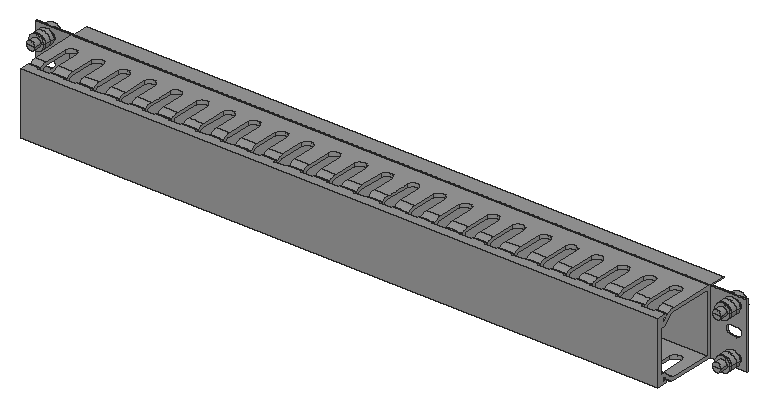
Revit family "ITK by ZPAS__Органайзер кабельный металлический с крышкой 19", category Обобщенные модели, Revit 2019
Family settings
  Может служить основой для арматурных стержней = Нет
  Размер круглого соединителя = Использовать диаметр
  Тип детали = Нормальный
  На основе рабочей плоскости = Нет
  Всегда вертикально = Да
  При загрузке вырезать с полостями = Нет
  Общий = Нет
  Точка расчета площади = Нет
Parameters (values of type "ZP-CO05-1U-24-M-C")
  Ширина = 482 mm
  Степень защиты = ""
  Материал = Окраска - RAL 9005
  Изготовитель = "ITK"  # constant formula
  Дата изменения = ""
  Глубина = 45 mm
  Высота = 44.5 mm
  Тип монтажа = ""
  URL = "https://www.iek.ru/"
  KSI_CPr_Строительные изделия = "61.1.04.08"  # constant formula
  KSI_CMa_Строительные материалы = "10.03.02.06"  # constant formula
  IEK_Цена за единицу = 754.02
  IEK_Поиск в таблице имен = ""
  IEK_Описание = "На тыльной стороне органайзера имеются отверстия для ввода кабелей.\r\nCъемная лицевая крышка.\r\nМонтажная высота 1U и 2U."
  IEK_URL = "https://www.itk-group.ru/produktsiya/catalog/oborudovanie_telekommunikatsionnoe/kompleksnye_resheniya_dlya_tsod/shkafy_i_aksessuary_dlya_tsod/komplektuyushchie_i_aksessuary_dlya_shkafov_itk_by_zpas/kabelnye_organizatory_itk_by_zpas/itk_by_zpas_organayzer_kabelnyy_metallicheskiy_s_kryshkoy_19_1u_24_slota_chernyy"
  ADSK_Примечание = ""
  ADSK_Позиция [instance] = ""
  ADSK_Наименование = "ITK by ZPAS Органайзер мет. с крышкой 19\" 1U 24 сл. черн."
  ADSK_Материал обозначение = ""
  ADSK_Материал наименование = "Листовая сталь"  # constant formula
  ADSK_Масса = 0.52
  ADSK_Марка = "by ZPAS"  # constant formula
  ADSK_Код изделия = "ZP-CO05-1U-24-M-C"
  ADSK_Завод-изготовитель = "IEK"  # constant formula
  ADSK_Единица измерения = "шт"  # constant formula
  ADSK_Группирование = "I. ЩИТЫ И ПУЛЬТЫ"  # constant formula
  ADSK_Версия семейства = "1.0"  # constant formula
  ADSK_Версия Revit = "2019"  # constant formula
  ADSK_URL страницы изделия = "https://www.itk-group.ru/produktsiya/catalog/oborudovanie_telekommunikatsionnoe/kompleksnye_resheniya_dlya_tsod/shkafy_i_aksessuary_dlya_tsod/komplektuyushchie_i_aksessuary_dlya_shkafov_itk_by_zpas/kabelnye_organizatory_itk_by_zpas/?pagec=50"
Reference planes
  plane 1 "По центру (Вперед/Назад)": y = 0
  plane 2: z = 0
  plane 3 "По центру (Влево/Вправо)": x = 0
  plane 4: x = -241
  plane 5: x = 241
  plane 6: y = -45
  plane 7: z = 44.5
Forms (mm)
  Extrusion 1, solid, material "Окраска - RAL 9005" <- "Материал", detail levels fine
    sketch origin (0, 0, 0.198) x (1, 0, 0) y (0, 1, 0)
      loop
        line (-241, 0) -> (-241, -1) -> (241, -1) -> (241, 0) -> (-241, 0)
    from 0 to 44
  Extrusion 2, void
    sketch origin (-2000, -1, 1200.198) x (-1, 0, 0) y (0, 0, -1)
      loop
        circle (-1766.475, 1161) r 2.967
      loop
        circle (-1766.475, 1195) r 2.967
      loop
        circle (-2233.525, 1161) r 2.967
      loop
        circle (-2233.525, 1195) r 2.967
    from -1 to 1.964
  Extrusion 3, solid, material "Окраска - RAL 9005" <- "Материал", detail levels fine
    sketch origin (-216, 2000, 1200.198) x (0, 1, 0) y (0, 0, 1)
      loop
        line (-1989, -1156) -> (-2000, -1156) -> (-2000, -1157) -> (-1989, -1157) -> (-1989, -1156)
      loop
        line (-1992.467, -1200) -> (-1992.467, -1199) -> (-2000, -1199) -> (-2000, -1200) -> (-1992.467, -1200)
    from 0 to 432
  Extrusion 4, solid, material "Окраска - RAL 9005" <- "Материал", detail levels fine
    sketch origin (-241, 2000, 1200.198) x (0, 1, 0) y (0, 0, 1)
      loop
        line (-2002.964, -1158.033) -> (-2031.639, -1158.033)
        arc (-2031.639, -1158.033) -> (-2033.467, -1158.359) -> (-2035.043, -1159.342) r 4.903
        line (-2035.043, -1159.342) -> (-2039.626, -1163.598) -> (-2042.093, -1163.598) -> (-2042.093, -1158.711) -> (-2042.982, -1158.711) -> (-2042.982, -1197.289) -> (-2042.093, -1197.289) -> (-2042.093, -1192.402) -> (-2039.626, -1192.402) -> (-2035.043, -1196.658)
        arc (-2035.043, -1196.658) -> (-2033.467, -1197.641) -> (-2031.639, -1197.967) r 4.903
        line (-2031.639, -1197.967) -> (-2002.964, -1197.967) -> (-2002.964, -1158.033)
      loop
        line (-2001, -1156.033) -> (-2031.626, -1156.033)
        arc (-2031.626, -1156.033) -> (-2034.192, -1156.495) -> (-2036.404, -1157.877) r 6.903
        line (-2036.404, -1157.877) -> (-2040.987, -1162.132) -> (-2040.987, -1158.711) -> (-2038.167, -1158.711) -> (-2038.167, -1157.132) -> (-2045, -1157.132) -> (-2045, -1198.868) -> (-2038.167, -1198.868) -> (-2038.167, -1197.289) -> (-2040.987, -1197.289) -> (-2040.987, -1193.868) -> (-2036.404, -1198.123)
        arc (-2036.404, -1198.123) -> (-2034.192, -1199.505) -> (-2031.626, -1199.967) r 6.903
        line (-2031.626, -1199.967) -> (-2001, -1199.967) -> (-2001, -1156.033)
    from 25 to 457
  Revolve 5, solid, material "Окраска - RAL 9005", detail levels fine
    sketch origin (0.937, 29.553, 6.136) x (0, 1, 0) y (-1, 0, 0)
      loop
        line (-44.803, 236.411) -> (-44.803, 233.525) -> (-26.053, 233.525) -> (-26.053, 239.661) -> (-29.553, 239.661) -> (-29.553, 236.411) -> (-32.003, 236.411) -> (-32.003, 238.643)
        arc (-32.003, 238.643) -> (-33.603, 238.55) -> (-35.203, 238.622) r 15.465
        line (-35.203, 238.622) -> (-39.203, 238.622)
        arc (-39.203, 238.622) -> (-39.704, 238.622) -> (-40.203, 238.583) r 6.422
        line (-40.203, 238.583) -> (-40.203, 236.411) -> (-44.803, 236.411)
      axis (-26.053, 233.525) -> (-44.803, 233.525)
    angle from 0 to 360
  Revolve 6, solid, material "Окраска - RAL 9005", detail levels fine
    sketch origin (0.937, 30.928, 38.261) x (0, 1, 0) y (-1, 0, 0)
      loop
        line (-46.178, 236.411) -> (-46.178, 233.525) -> (-27.428, 233.525) -> (-27.428, 239.661) -> (-30.928, 239.661) -> (-30.928, 236.411) -> (-33.378, 236.411) -> (-33.378, 238.643)
        arc (-33.378, 238.643) -> (-34.978, 238.55) -> (-36.578, 238.622) r 15.465
        line (-36.578, 238.622) -> (-40.578, 238.622)
        arc (-40.578, 238.622) -> (-41.079, 238.622) -> (-41.578, 238.583) r 6.422
        line (-41.578, 238.583) -> (-41.578, 236.411) -> (-46.178, 236.411)
      axis (-27.428, 233.525) -> (-46.178, 233.525)
    angle from 0 to 360
  Revolve 7, solid, material "Окраска - RAL 9005", detail levels fine
    sketch origin (465.796, 30.928, 38.261) x (0, 1, 0) y (-1, 0, 0)
      loop
        line (-46.178, 236.411) -> (-46.178, 233.525) -> (-27.428, 233.525) -> (-27.428, 239.661) -> (-30.928, 239.661) -> (-30.928, 236.411) -> (-33.378, 236.411) -> (-33.378, 238.643)
        arc (-33.378, 238.643) -> (-34.978, 238.55) -> (-36.578, 238.622) r 15.465
        line (-36.578, 238.622) -> (-40.578, 238.622)
        arc (-40.578, 238.622) -> (-41.079, 238.622) -> (-41.578, 238.583) r 6.422
        line (-41.578, 238.583) -> (-41.578, 236.411) -> (-46.178, 236.411)
      axis (-27.428, 233.525) -> (-46.178, 233.525)
    angle from 0 to 360
  Revolve 8, solid, material "Окраска - RAL 9005", detail levels fine
    sketch origin (-1.25, 30.928, 6.136) x (0, 1, 0) y (-1, 0, 0)
      loop
        line (-46.178, -230.635) -> (-46.178, -233.521) -> (-27.428, -233.521) -> (-27.428, -227.385) -> (-30.928, -227.385) -> (-30.928, -230.635) -> (-33.378, -230.635) -> (-33.378, -228.403)
        arc (-33.378, -228.403) -> (-34.978, -228.497) -> (-36.578, -228.424) r 15.465
        line (-36.578, -228.424) -> (-40.578, -228.424)
        arc (-40.578, -228.424) -> (-41.079, -228.424) -> (-41.578, -228.463) r 6.422
        line (-41.578, -228.463) -> (-41.578, -230.635) -> (-46.178, -230.635)
      axis (-27.428, -233.521) -> (-46.178, -233.521)
    angle from 0 to 360
  Extrusion 9, void
    sketch origin (0, 0, 0.198) x (-1, 0, 0) y (0, 0, 1)
      loop
        line (-230.503, 25.25) -> (-234.499, 25.25)
        arc (-234.499, 25.25) -> (-237.749, 22) -> (-234.499, 18.75) r 3.25
        line (-234.499, 18.75) -> (-230.5, 18.75)
        arc (-230.5, 18.75) -> (-227.25, 22.002) -> (-230.503, 25.25) r 3.25
      loop
        line (-230.5, 9.25) -> (-234.499, 9.25)
        arc (-234.499, 9.25) -> (-237.749, 6) -> (-234.499, 2.75) r 3.25
        line (-234.499, 2.75) -> (-230.502, 2.75)
        arc (-230.502, 2.75) -> (-227.25, 5.999) -> (-230.5, 9.25) r 3.25
      loop
        line (-230.499, 41.25) -> (-234.497, 41.25)
        arc (-234.497, 41.25) -> (-237.75, 38.002) -> (-234.5, 34.75) r 3.25
        line (-234.5, 34.75) -> (-230.499, 34.75)
        arc (-230.499, 34.75) -> (-227.249, 38) -> (-230.499, 41.25) r 3.25
      loop
        line (230.5, 18.75) -> (234.499, 18.75)
        arc (234.499, 18.75) -> (237.749, 22) -> (234.499, 25.25) r 3.25
        line (234.499, 25.25) -> (230.503, 25.25)
        arc (230.503, 25.25) -> (227.25, 22.002) -> (230.5, 18.75) r 3.25
      loop
        line (234.5, 9.25) -> (230.501, 9.25)
        arc (230.501, 9.25) -> (227.251, 6) -> (230.501, 2.75) r 3.25
        line (230.501, 2.75) -> (234.498, 2.75)
        arc (234.498, 2.75) -> (237.75, 5.999) -> (234.5, 9.25) r 3.25
      loop
        line (230.5, 34.75) -> (234.499, 34.75)
        arc (234.499, 34.75) -> (237.749, 38) -> (234.499, 41.25) r 3.25
        line (234.499, 41.25) -> (230.503, 41.25)
        arc (230.503, 41.25) -> (227.25, 38.002) -> (230.5, 34.75) r 3.25
      loop
        line (181.498, 35.5) -> (28.5, 35.5)
        arc (28.5, 35.5) -> (15, 21.997) -> (28.505, 8.5) r 13.5
        line (28.505, 8.5) -> (181.498, 8.5)
        arc (181.498, 8.5) -> (194.998, 22) -> (181.498, 35.5) r 13.5
      loop
        line (-28.502, 35.5) -> (-181.5, 35.5)
        arc (-181.5, 35.5) -> (-195, 22.003) -> (-181.505, 8.5) r 13.5
        line (-181.505, 8.5) -> (-28.502, 8.5)
        arc (-28.502, 8.5) -> (-15.002, 22) -> (-28.502, 35.5) r 13.5
    from -9.65 to 3.066
  Extrusion 10, void
    sketch origin (0, 0, 0.198) x (1, 0, 0) y (0, 1, 0)
      loop
        line (-200.632, -39.115) -> (-200.632, -16.303)
        arc (-200.632, -16.303) -> (-204.712, -12.223) -> (-208.793, -16.303) r 4.08
        line (-208.793, -16.303) -> (-208.793, -39.115) -> (-200.632, -39.115)
      loop
        line (-182.854, -39.115) -> (-182.854, -16.303)
        arc (-182.854, -16.303) -> (-186.935, -12.223) -> (-191.015, -16.303) r 4.08
        line (-191.015, -16.303) -> (-191.015, -39.115) -> (-182.854, -39.115)
      loop
        line (-164.978, -39.115) -> (-164.978, -16.303)
        arc (-164.978, -16.303) -> (-169.059, -12.223) -> (-173.139, -16.303) r 4.08
        line (-173.139, -16.303) -> (-173.139, -39.115) -> (-164.978, -39.115)
      loop
        line (-147.381, -39.115) -> (-147.381, -16.303)
        arc (-147.381, -16.303) -> (-151.462, -12.223) -> (-155.542, -16.303) r 4.08
        line (-155.542, -16.303) -> (-155.542, -39.115) -> (-147.381, -39.115)
      loop
        line (-129.781, -39.115) -> (-129.781, -16.303)
        arc (-129.781, -16.303) -> (-133.862, -12.223) -> (-137.942, -16.303) r 4.08
        line (-137.942, -16.303) -> (-137.942, -39.115) -> (-129.781, -39.115)
      loop
        line (-112.081, -39.115) -> (-112.081, -16.303)
        arc (-112.081, -16.303) -> (-116.162, -12.223) -> (-120.242, -16.303) r 4.08
        line (-120.242, -16.303) -> (-120.242, -39.115) -> (-112.081, -39.115)
      loop
        line (-93.889, -39.115) -> (-93.889, -16.303)
        arc (-93.889, -16.303) -> (-97.97, -12.223) -> (-102.05, -16.303) r 4.08
        line (-102.05, -16.303) -> (-102.05, -39.115) -> (-93.889, -39.115)
      loop
        line (-76.889, -39.115) -> (-76.889, -16.303)
        arc (-76.889, -16.303) -> (-80.97, -12.223) -> (-85.05, -16.303) r 4.08
        line (-85.05, -16.303) -> (-85.05, -39.115) -> (-76.889, -39.115)
      loop
        line (-58.178, -39.115) -> (-58.178, -16.303)
        arc (-58.178, -16.303) -> (-62.259, -12.223) -> (-66.339, -16.303) r 4.08
        line (-66.339, -16.303) -> (-66.339, -39.115) -> (-58.178, -39.115)
      loop
        line (-40.545, -39.115) -> (-40.545, -16.303)
        arc (-40.545, -16.303) -> (-44.626, -12.223) -> (-48.706, -16.303) r 4.08
        line (-48.706, -16.303) -> (-48.706, -39.115) -> (-40.545, -39.115)
      loop
        line (-22.616, -39.115) -> (-22.616, -16.303)
        arc (-22.616, -16.303) -> (-26.696, -12.223) -> (-30.777, -16.303) r 4.08
        line (-30.777, -16.303) -> (-30.777, -39.115) -> (-22.616, -39.115)
      loop
        line (-4.982, -39.115) -> (-4.982, -16.303)
        arc (-4.982, -16.303) -> (-9.063, -12.223) -> (-13.143, -16.303) r 4.08
        line (-13.143, -16.303) -> (-13.143, -39.115) -> (-4.982, -39.115)
      loop
        line (200.632, -39.115) -> (208.793, -39.115) -> (208.793, -16.303)
        arc (208.793, -16.303) -> (204.712, -12.223) -> (200.632, -16.303) r 4.08
        line (200.632, -16.303) -> (200.632, -39.115)
      loop
        line (182.854, -39.115) -> (191.015, -39.115) -> (191.015, -16.303)
        arc (191.015, -16.303) -> (186.935, -12.223) -> (182.854, -16.303) r 4.08
        line (182.854, -16.303) -> (182.854, -39.115)
      loop
        line (164.978, -39.115) -> (173.139, -39.115) -> (173.139, -16.303)
        arc (173.139, -16.303) -> (169.059, -12.223) -> (164.978, -16.303) r 4.08
        line (164.978, -16.303) -> (164.978, -39.115)
      loop
        line (147.381, -39.115) -> (155.542, -39.115) -> (155.542, -16.303)
        arc (155.542, -16.303) -> (151.462, -12.223) -> (147.381, -16.303) r 4.08
        line (147.381, -16.303) -> (147.381, -39.115)
      loop
        line (129.781, -39.115) -> (137.942, -39.115) -> (137.942, -16.303)
        arc (137.942, -16.303) -> (133.862, -12.223) -> (129.781, -16.303) r 4.08
        line (129.781, -16.303) -> (129.781, -39.115)
      loop
        line (112.081, -39.115) -> (120.242, -39.115) -> (120.242, -16.303)
        arc (120.242, -16.303) -> (116.162, -12.223) -> (112.081, -16.303) r 4.08
        line (112.081, -16.303) -> (112.081, -39.115)
      loop
        line (93.889, -39.115) -> (102.05, -39.115) -> (102.05, -16.303)
        arc (102.05, -16.303) -> (97.97, -12.223) -> (93.889, -16.303) r 4.08
        line (93.889, -16.303) -> (93.889, -39.115)
      loop
        line (76.889, -39.115) -> (85.05, -39.115) -> (85.05, -16.303)
        arc (85.05, -16.303) -> (80.97, -12.223) -> (76.889, -16.303) r 4.08
        line (76.889, -16.303) -> (76.889, -39.115)
      loop
        line (58.178, -39.115) -> (66.339, -39.115) -> (66.339, -16.303)
        arc (66.339, -16.303) -> (62.259, -12.223) -> (58.178, -16.303) r 4.08
        line (58.178, -16.303) -> (58.178, -39.115)
      loop
        line (40.545, -39.115) -> (48.706, -39.115) -> (48.706, -16.303)
        arc (48.706, -16.303) -> (44.626, -12.223) -> (40.545, -16.303) r 4.08
        line (40.545, -16.303) -> (40.545, -39.115)
      loop
        line (22.616, -39.115) -> (30.777, -39.115) -> (30.777, -16.303)
        arc (30.777, -16.303) -> (26.696, -12.223) -> (22.616, -16.303) r 4.08
        line (22.616, -16.303) -> (22.616, -39.115)
      loop
        line (4.982, -39.115) -> (13.143, -39.115) -> (13.143, -16.303)
        arc (13.143, -16.303) -> (9.063, -12.223) -> (4.982, -16.303) r 4.08
        line (4.982, -16.303) -> (4.982, -39.115)
    from -7.955 to 56.109
  Extrusion 11, solid, material "Условный материал-отделка", detail levels coarse+medium
    sketch origin (0, 0, 0) x (1, 0, 0) y (0, 1, 0)
      loop
        line (-241, 0) -> (-241, -45) -> (241, -45) -> (241, 0) -> (-241, 0)
    from 0 to 44.5 <- "Высота"
Cuts and joins
  Extrusion 10 cuts Extrusion 4
  Extrusion 9 cuts Extrusion 3
  Extrusion 2, Extrusion 9 cuts Extrusion 1
Dimensions and locks
  equal spacing: plane 4, plane 3 "По центру (Влево/Вправо)", plane 5
  "Ширина": plane 4 to plane 5
  "Глубина": plane 1 "По центру (Вперед/Назад)" to plane 6
  "Высота": plane 7 to level
  aligned and locked: level to plane 2
  aligned and locked: Revolve 5 sketch curve to Revolve 5 sketch curve
  aligned and locked: Revolve 6 sketch curve to Revolve 6 sketch curve
  aligned and locked: Revolve 7 sketch curve to Revolve 7 sketch curve
  aligned and locked: Revolve 8 sketch curve to Revolve 8 sketch curve
Automatic sketch dimensions
  Extrusion 1 sketch curve to plane 4 = 0 mm
  Extrusion 1 sketch curve to plane 5 = 0 mm
  plane 1 "По центру (Вперед/Назад)" to Extrusion 1 sketch curve = 1 mm
  Extrusion 1 sketch curve to Extrusion 1 sketch curve = 1 mm
  plane 5 to Extrusion 2 sketch curve = 7.475 mm  (x2)
  Extrusion 2 sketch curve to plane 4 = 7.475 mm  (x2)
  Extrusion 2 sketch curve to level = 5.198 mm  (x2)
  plane 7 to Extrusion 2 sketch curve = 5.302 mm  (x2)
  level to Extrusion 3 sketch curve = 0.198 mm
  Extrusion 3 sketch curve to plane 1 "По центру (Вперед/Назад)" = 11 mm
  Extrusion 3 sketch curve to plane 1 "По центру (Вперед/Назад)" = 7.533 mm
  level to Extrusion 3 sketch curve = 1.198 mm
  Extrusion 3 sketch curve to Extrusion 3 sketch curve = 7.533 mm
  Extrusion 3 sketch curve to plane 7 = 0.302 mm
  plane 1 "По центру (Вперед/Назад)" to Extrusion 3 sketch curve = 0 mm
  Extrusion 3 sketch curve to Extrusion 3 sketch curve = 1 mm
  Extrusion 4 sketch curve to Extrusion 4 sketch curve = 0 mm  (x6)
  level to Extrusion 4 sketch curve = 1.33 mm
  Extrusion 4 sketch curve to plane 6 = 0 mm
  Extrusion 4 sketch curve to Extrusion 4 sketch curve = 2.018 mm
  Extrusion 4 sketch curve to Extrusion 4 sketch curve = 0.889 mm  (x2)
  Extrusion 4 sketch curve to plane 7 = 6.434 mm
  Extrusion 4 sketch curve to Extrusion 4 sketch curve = 1.106 mm  (x2)
  level to Extrusion 4 sketch curve = 6.33 mm
  Extrusion 4 sketch curve to Extrusion 4 sketch curve = 1.361 mm  (x4)
  Extrusion 4 sketch curve to Extrusion 4 sketch curve = 2.82 mm  (x2)
  level to Extrusion 4 sketch curve = 2.075 mm
  Extrusion 4 sketch curve to Extrusion 4 sketch curve = 1.763 mm  (x2)
  Extrusion 4 sketch curve to plane 7 = 2.178 mm
  Extrusion 4 sketch curve to plane 7 = 3.644 mm
  level to Extrusion 4 sketch curve = 3.54 mm
  Extrusion 4 sketch curve to Extrusion 4 sketch curve = 3.336 mm  (x2)
  Extrusion 4 sketch curve to Extrusion 4 sketch curve = 3.405 mm  (x2)
  level to Extrusion 4 sketch curve = 0.231 mm
  Extrusion 4 sketch curve to Extrusion 4 sketch curve = 0.013 mm  (x2)
  plane 1 "По центру (Вперед/Назад)" to Extrusion 4 sketch curve = 2.964 mm
  Extrusion 4 sketch curve to Extrusion 4 sketch curve = 1.964 mm
  level to Extrusion 4 sketch curve = 2.91 mm
  Extrusion 4 sketch curve to Extrusion 4 sketch curve = 1.466 mm  (x2)
  Extrusion 4 sketch curve to Extrusion 4 sketch curve = 3.593 mm
  Extrusion 4 sketch curve to plane 7 = 3.013 mm
  Extrusion 4 sketch curve to Extrusion 4 sketch curve = 1.579 mm
  plane 4 to Revolve 5 sketch curve = 5.526 mm
  plane 6 to Revolve 5 sketch curve = 29.75 mm
  Revolve 5 sketch curve to Revolve 5 sketch curve = 4.6 mm
  Revolve 5 sketch curve to Revolve 5 sketch curve = 0.75 mm
  Revolve 5 sketch curve to Revolve 5 sketch curve = 1 mm
  Revolve 5 sketch curve to Revolve 5 sketch curve = 4 mm
  plane 1 "По центру (Вперед/Назад)" to Revolve 5 sketch curve = 4.15 mm
  Revolve 5 sketch curve to Revolve 5 sketch curve = 3.2 mm
  Revolve 5 sketch curve to Revolve 5 sketch curve = 2.45 mm
  Revolve 5 sketch curve to Revolve 5 sketch curve = 3.5 mm
  plane 4 to Revolve 5 sketch curve = 8.412 mm
  Revolve 5 sketch curve to Revolve 5 sketch curve = 4.206 mm
  Revolve 5 sketch curve to Revolve 5 sketch curve = 2.886 mm
  Revolve 5 sketch curve to Revolve 5 sketch curve = 2.172 mm
  Revolve 5 sketch curve to Revolve 5 sketch curve = 2.232 mm
  plane 4 to Revolve 5 sketch curve = 2.276 mm
  Revolve 5 sketch curve to Revolve 5 sketch curve = 0 mm  (x2)
  plane 4 to Revolve 6 sketch curve = 5.526 mm
  plane 6 to Revolve 6 sketch curve = 29.75 mm
  Revolve 6 sketch curve to Revolve 6 sketch curve = 4.6 mm
  Revolve 6 sketch curve to Revolve 6 sketch curve = 0.75 mm
  Revolve 6 sketch curve to Revolve 6 sketch curve = 1 mm
  Revolve 6 sketch curve to Revolve 6 sketch curve = 4 mm
  plane 1 "По центру (Вперед/Назад)" to Revolve 6 sketch curve = 4.15 mm
  Revolve 6 sketch curve to Revolve 6 sketch curve = 3.2 mm
  Revolve 6 sketch curve to Revolve 6 sketch curve = 2.45 mm
  Revolve 6 sketch curve to Revolve 6 sketch curve = 3.5 mm
  plane 4 to Revolve 6 sketch curve = 8.412 mm
  Revolve 6 sketch curve to Revolve 6 sketch curve = 4.206 mm
  Revolve 6 sketch curve to Revolve 6 sketch curve = 2.886 mm
  Revolve 6 sketch curve to Revolve 6 sketch curve = 2.172 mm
  Revolve 6 sketch curve to Revolve 6 sketch curve = 2.232 mm
  plane 4 to Revolve 6 sketch curve = 2.276 mm
  Revolve 6 sketch curve to Revolve 6 sketch curve = 0 mm  (x2)
  plane 6 to Revolve 7 sketch curve = 29.75 mm
  Revolve 7 sketch curve to Revolve 7 sketch curve = 4.6 mm
  Revolve 7 sketch curve to Revolve 7 sketch curve = 0.75 mm
  Revolve 7 sketch curve to Revolve 7 sketch curve = 1 mm
  Revolve 7 sketch curve to Revolve 7 sketch curve = 4 mm
  plane 1 "По центру (Вперед/Назад)" to Revolve 7 sketch curve = 4.15 mm
  Revolve 7 sketch curve to Revolve 7 sketch curve = 3.2 mm
  Revolve 7 sketch curve to Revolve 7 sketch curve = 2.45 mm
  Revolve 7 sketch curve to Revolve 7 sketch curve = 3.5 mm
  Revolve 7 sketch curve to plane 5 = 7.409 mm
  Revolve 7 sketch curve to Revolve 7 sketch curve = 1.32 mm
  Revolve 7 sketch curve to Revolve 7 sketch curve = 4.206 mm
  Revolve 7 sketch curve to Revolve 7 sketch curve = 2.886 mm
  Revolve 7 sketch curve to Revolve 7 sketch curve = 2.172 mm
  Revolve 7 sketch curve to Revolve 7 sketch curve = 2.232 mm
  Revolve 7 sketch curve to Revolve 7 sketch curve = 1.018 mm
  Revolve 7 sketch curve to Revolve 7 sketch curve = 0 mm  (x2)
  plane 6 to Revolve 8 sketch curve = 29.75 mm
  Revolve 8 sketch curve to Revolve 8 sketch curve = 4.6 mm
  Revolve 8 sketch curve to Revolve 8 sketch curve = 0.75 mm
  Revolve 8 sketch curve to Revolve 8 sketch curve = 1 mm
  Revolve 8 sketch curve to Revolve 8 sketch curve = 4 mm
  plane 1 "По центру (Вперед/Назад)" to Revolve 8 sketch curve = 4.15 mm
  Revolve 8 sketch curve to Revolve 8 sketch curve = 3.2 mm
  Revolve 8 sketch curve to Revolve 8 sketch curve = 2.45 mm
  Revolve 8 sketch curve to Revolve 8 sketch curve = 3.5 mm
  Revolve 8 sketch curve to plane 5 = 7.409 mm
  Revolve 8 sketch curve to Revolve 8 sketch curve = 1.32 mm
  Revolve 8 sketch curve to Revolve 8 sketch curve = 4.206 mm
  Revolve 8 sketch curve to Revolve 8 sketch curve = 2.886 mm
  Revolve 8 sketch curve to Revolve 8 sketch curve = 2.172 mm
  Revolve 8 sketch curve to Revolve 8 sketch curve = 2.232 mm
  Revolve 8 sketch curve to Revolve 8 sketch curve = 1.018 mm
  Revolve 8 sketch curve to Revolve 8 sketch curve = 0 mm  (x2)
  Extrusion 9 sketch curve to plane 5 = 6.5 mm
  level to Extrusion 9 sketch curve = 2.948 mm  (x2)
  Extrusion 9 sketch curve to plane 5 = 6.501 mm  (x2)
  Extrusion 9 sketch curve to Extrusion 9 sketch curve = 0.003 mm  (x3)
  Extrusion 9 sketch curve to Extrusion 9 sketch curve = 3.995 mm
  Extrusion 9 sketch curve to Extrusion 9 sketch curve = 3.998 mm  (x2)
  Extrusion 9 sketch curve to Extrusion 9 sketch curve = 0.002 mm  (x2)
  Extrusion 9 sketch curve to Extrusion 9 sketch curve = 3.999 mm  (x3)
  Extrusion 9 sketch curve to Extrusion 9 sketch curve = 4.001 mm
  level to Extrusion 9 sketch curve = 8.698 mm  (x2)
  Extrusion 9 sketch curve to Extrusion 9 sketch curve = 48.995 mm
  Extrusion 9 sketch curve to Extrusion 9 sketch curve = 0.005 mm  (x2)
  plane 3 "По центру (Влево/Вправо)" to Extrusion 9 sketch curve = 28.502 mm
  Extrusion 9 sketch curve to plane 3 "По центру (Влево/Вправо)" = 28.5 mm
  plane 4 to Extrusion 9 sketch curve = 59.502 mm
  plane 4 to Extrusion 9 sketch curve = 10.5 mm  (x2)
  Extrusion 9 sketch curve to Extrusion 9 sketch curve = 0.001 mm
  Extrusion 9 sketch curve to Extrusion 9 sketch curve = 3.25 mm  (x6)
  Extrusion 9 sketch curve to Extrusion 9 sketch curve = 9.5 mm  (x4)
  Extrusion 9 sketch curve to Extrusion 9 sketch curve = 13.5 mm  (x2)
  plane 6 to Extrusion 10 sketch curve = 5.885 mm  (x24)
  plane 4 to Extrusion 10 sketch curve = 32.207 mm
  Extrusion 10 sketch curve to Extrusion 10 sketch curve = 4.08 mm  (x24)
  Extrusion 10 sketch curve to Extrusion 10 sketch curve = 9.617 mm  (x2)
  Extrusion 10 sketch curve to Extrusion 10 sketch curve = 9.715 mm  (x2)
  Extrusion 10 sketch curve to Extrusion 10 sketch curve = 9.436 mm  (x2)
  Extrusion 10 sketch curve to Extrusion 10 sketch curve = 9.439 mm  (x2)
  Extrusion 10 sketch curve to Extrusion 10 sketch curve = 9.539 mm  (x2)
  Extrusion 10 sketch curve to Extrusion 10 sketch curve = 10.031 mm  (x2)
  Extrusion 10 sketch curve to Extrusion 10 sketch curve = 8.839 mm  (x2)
  Extrusion 10 sketch curve to Extrusion 10 sketch curve = 10.55 mm  (x2)
  Extrusion 10 sketch curve to Extrusion 10 sketch curve = 9.472 mm  (x4)
  Extrusion 10 sketch curve to Extrusion 10 sketch curve = 9.769 mm  (x2)
  plane 3 "По центру (Влево/Вправо)" to Extrusion 10 sketch curve = 4.982 mm
  plane 6 to Extrusion 10 sketch curve = 28.697 mm  (x8)
  Extrusion 10 sketch curve to Extrusion 10 sketch curve = 0 mm  (x16)
  Extrusion 11 sketch curve to plane 4 = 0 mm
  Extrusion 11 sketch curve to plane 5 = 0 mm
  Extrusion 11 sketch curve to plane 6 = 0 mm
  plane 1 "По центру (Вперед/Назад)" to Extrusion 11 sketch curve = 0 mm
  radius of Extrusion 2 sketch curve = 2.967 mm  (x4)
